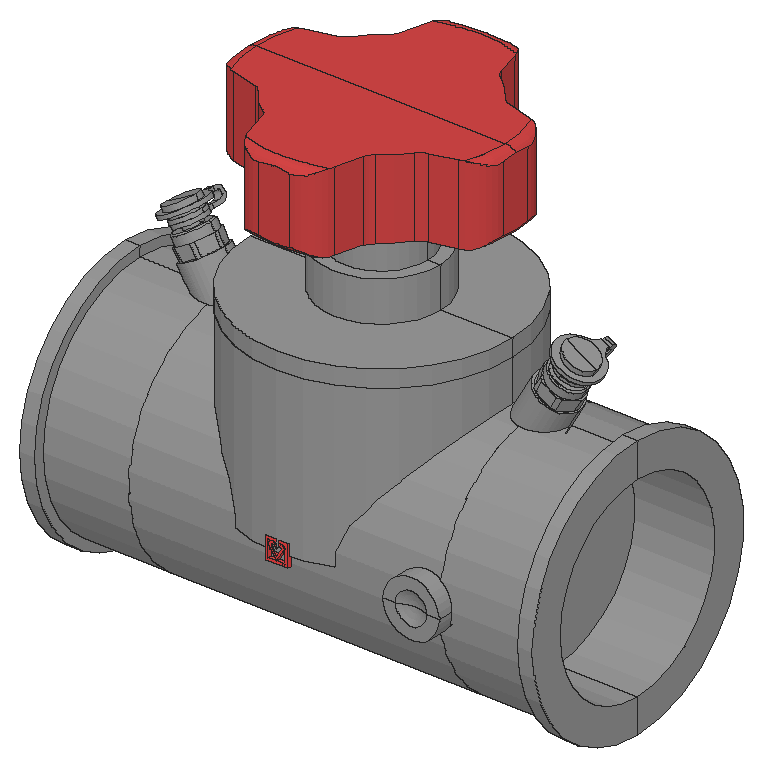
Revit family "Strangregulierventil für Differenzdruckmessung, Geradsitzform 4217 GM", category Rohrzubehör, Revit 2018
Family settings
  Bemaßung runder Anschluss = Durchmesser verwenden
  Teiletyp = Unterbricht
  OmniClass-Nummer = 23.65.55.14
  OmniClass-Titel = Valves for Liquid Services
  Arbeitsebenenbasiert = Nein
  Immer vertikal = Ja
  Beim Laden mit Abzugskörper schneiden = Nein
  Gemeinsam genutzt = Nein
Parameters
  kvs-Wert [instance] = if(Nennweite = 15.00 mm, 6.05, if(Nennweite = 20.00 mm, 6.11, if(Nennweite = 25.00 mm, 9.22, if(Nennweite = 32.00 mm, 18.83, if(Nennweite = 40.00 mm, 23.29, if(Nennweite = 50.00 mm, 35.26, if(Nennweite = 65.00 mm, 52.11, if(Nennweite = 80.00 mm, 76.1, 0))))))))  # 76.1
  W02 = 60.00°  # constant formula
  W01 = 30.00°  # constant formula
  URL = "www.herz-armaturen.at"
  SC_NennweiteBerechnet = 0
  SC_Dimension = ""
  SCRNSEQ = "ARM;ARM_TYP=\"STRV\";2"
  SCRNCODE = "05;07;02"  # constant formula
  S02 = 60.00 mm  # constant formula
  S01 [instance] = H00 + H01  # 119.31 mm
  R01 [instance] = size_lookup("4217_GM_", "R1", 1.00 mm, Nennweite)  # 53.00 mm
  Nennweite [instance] = 80.00 mm
  Medium = "Heizwasserqualität entsprechend ÖNORM H 5195 bzw. VDI-Richtlinie 2035.\r\nDie Verwendung von Ethylen- und Propylenglykol ist im Mischungsverhältnis 25 - 50 Vol. % zulässig."
  Max. Betriebstemperatur (bis DN32) = 130 °C  # constant formula
  Max. Betriebstemperatur (ab DN40) = 110 °C  # constant formula
  Max. Betriebsdruck = 1600000.0 Pa  # constant formula
  ML02 [instance] = size_lookup("4217_GM_", "ML2", 1.00 mm, Nennweite)  # 70.50 mm
  ML01 [instance] = size_lookup("4217_GM_", "ML1", 1.00 mm, Nennweite)  # 37.35 mm
  MD01 = 9.50 mm  # constant formula
  L02 [instance] = size_lookup("4217_GM_", "L2", 1.00 mm, Nennweite)  # 6.00 mm
  L01 [instance] = size_lookup("4217_GM_", "L1", 1.00 mm, Nennweite)  # 41.30 mm
  L00 [instance] = size_lookup("4217_GM_", "L", 1.00 mm, Nennweite)  # 210.00 mm
  IG [instance] = Nennweite / 2  # 40.00 mm
  Hersteller = "HERZ Armaturen Ges.m.b.H."  # constant formula
  H04 [instance] = size_lookup("4217_GM_", "H4", 1.00 mm, Nennweite)  # 19.00 mm
  H03 = 10.00 mm  # constant formula
  H02 [instance] = size_lookup("4217_GM_", "H2", 1.00 mm, Nennweite)  # 7.00 mm
  H01 [instance] = size_lookup("4217_GM_", "H1", 1.00 mm, Nennweite)  # 52.60 mm
  H00 [instance] = size_lookup("4217_GM_", "H", 1.00 mm, Nennweite)  # 66.71 mm
  Gewicht [instance] = if(Nennweite = 15.00 mm, "0.85 kg", if(Nennweite = 20.00 mm, "1.22 kg", if(Nennweite = 25.00 mm, "1.55 kg", if(Nennweite = 32.00 mm, "1.88 kg", if(Nennweite = 40.00 mm, "2.34 kg", if(Nennweite = 50.00 mm, "3.74 kg", if(Nennweite = 65.00 mm, "5.23 kg", if(Nennweite = 80.00 mm, "6.97 kg", "0 kg"))))))))  # "6.97 kg"
  Gehäuse = "DZR-Messing"  # constant formula
  GT [instance] = size_lookup("4217_GM_", "GT", 1.00 mm, Nennweite)  # 33.30 mm
  Einbaulage = "Bedingt durch die senkrecht zur Ventilachse angeordnete, nichtsteigende Ventilspindel ist für jede Einbaulage optimale Zugängigkeit und Bedienbarkeit des Ventils gewährleistet."
  Differenzdruckmessung = "STRÖMAX-GM Strangregulierventil ist mit zwei Messventilen ausgestattet.\r\nBei Verwendung eines geeigneten Messgerätes kann der Differenzdruck gemessen und dadurch die jeweilige Durchflussmenge in Abhängigkeit der Einstellstufe ermittelt werden.\r\nAm HERZ-Messcomputer (1 8900 05) ist außerdem direkt die jeweilige Durchflussmenge ablesbar."
  DN80 [instance] = Nennweite = 80.00 mm  # yes
  DN65 [instance] = Nennweite = 65.00 mm  # no
  DN50_DN80 [instance] = or(Nennweite = 50.00 mm, Nennweite = 65.00 mm, Nennweite = 80.00 mm)  # yes
  DN50-DN80 [instance] = H00 + H01  # 119.31 mm
  DN50 [instance] = Nennweite = 50.00 mm  # no
  DN40 [instance] = Nennweite = 40.00 mm  # no
  DN32 [instance] = Nennweite = 32.00 mm  # no
  DN25 [instance] = Nennweite = 25.00 mm  # no
  DN20 [instance] = Nennweite = 20.00 mm  # no
  DN15_DN40 [instance] = or(Nennweite = 15.00 mm, Nennweite = 20.00 mm, Nennweite = 25.00 mm, Nennweite = 32.00 mm, Nennweite = 40.00 mm)  # no
  DN15-DN40 [instance] = H00 + H01  # 119.31 mm
  DN15 [instance] = Nennweite = 15.00 mm  # no
  D06 [instance] = size_lookup("4217_GM_", "D6", 1.00 mm, Nennweite)  # 24.30 mm
  D05 [instance] = size_lookup("4217_GM_", "D5", 1.00 mm, Nennweite)  # 19.00 mm
  D04 = 9.00 mm  # constant formula
  D03 [instance] = size_lookup("4217_GM_", "D3", 1.00 mm, Nennweite)  # 53.80 mm
  D02 [instance] = size_lookup("4217_GM_", "D2", 1.00 mm, Nennweite)  # 54.00 mm
  D01 [instance] = size_lookup("4217_GM_", "D1", 1.00 mm, Nennweite)  # 50.00 mm
  Bestellnummer [instance] = size_lookup("4217_GM_", "Artnr", 0, Nennweite)  # 1421708
  Ausführung = "STRÖMAX-GM Strangregulierventil mit Messventilen, 1/2′′ – 3′′\r\nGeradesitzform, gelbe Ausführung, Muffe x Muffe, nichtsteigende Spindel, Spindelabdichtung durch Doppel-O-Ring,Voreinstellung durch Hubbegrenzung mittels Innenspindel, digitale Anzeige der Voreinstellstufe im Handradfenster.\r\n2 Messventile sind neben dem Handrad montiert."
  Anwendungen = "Zum hydraulischen Abgleich in Heiz- oder Kühlanlagen, Einregulieren von Verteilleitungen, Strängen, Wärmetauschern, Heiz- und Kühlregistern."
Reference planes
  plane 1 "Mitte (Vorne/hinten)": y = 0
  plane 2: z = 0
  plane 3 "Mitte (Links/rechts)": x = 0
Forms (mm)
  Revolve 1, solid, material "Messing, weicher Gelbton, geschweißt", detail levels fine
    sketch origin (0, 0, 0) x (1, 0, 0) y (0, 0, 1)
      loop
        line (-105, 54) -> (-105, 40) -> (-71.7, 40) -> (-71.7, 0) -> (71.7, 0) -> (71.7, 40) -> (105, 40) -> (105, 54) -> (99, 54) -> (99, 50) -> (63.7, 50)
        arc (63.7, 50) -> (0, 53) -> (-63.7, 50) r 677.782
        line (-63.7, 50) -> (-99, 50) -> (-99, 54) -> (-105, 54)
      axis (-105, 0) -> (105, 0)
    angle from 0 to 360
  Revolve 2, solid, material "Messing, weicher Gelbton, geschweißt", detail levels fine
    sketch origin (0, 0, 0) x (1, 0, 0) y (0, 0, 1)
      loop
        line (37.35, 0) -> (72.6, 61.055) -> (64.373, 65.805) -> (29.123, 4.75) -> (37.35, 0)
      axis (37.35, 0) -> (72.6, 61.055)
    angle from 0 to 360
  Revolve 3, solid, material "Messing, weicher Gelbton, geschweißt", detail levels fine
    sketch origin (0, 0, 0) x (1, 0, 0) y (0, 0, 1)
      loop
        line (0, 0) -> (0, 66.71) -> (-53.8, 66.71) -> (-53.8, 0) -> (0, 0)
      axis (0, 66.71) -> (0, 0)
    angle from 0 to 360
  Revolve 4, solid, material "Messing, weicher Gelbton, geschweißt", detail levels fine
    sketch origin (0, 0, 0) x (-1, 0, 0) y (0, 0, 1)
      loop
        line (37.35, 0) -> (72.6, 61.055) -> (64.373, 65.805) -> (29.123, 4.75) -> (37.35, 0)
      axis (37.35, 0) -> (72.6, 61.055)
    angle from 0 to 360
  Revolve 5, solid, material "Messing, weicher Gelbton, geschweißt", visible <- "DN65", detail levels fine
    sketch origin (0, 0, 0) x (1, 0, 0) y (0, 1, 0)
      loop
        line (60, 47.945) -> (60, -47.945)
        arc (60, -47.945) -> (63.368, -48.598) -> (66.5, -50) r 15
        line (66.5, -50) -> (71.5, -50) -> (71.5, 50) -> (66.5, 50)
        arc (66.5, 50) -> (63.368, 48.598) -> (60, 47.945) r 15
      axis (60, 50) -> (60, -50)
    angle from 0 to 360
  Revolve 6, solid, material "Messing, weicher Gelbton, geschweißt", detail levels fine
    sketch origin (0, 0, 0) x (1, 0, 0) y (0, 0, 1)
      loop
        line (0, 66.71) -> (0, 119.31) -> (-9, 119.31) -> (-9, 109.31) -> (-19, 109.31) -> (-19, 90.31) -> (-24.3, 90.31) -> (-24.3, 73.71) -> (-53.8, 73.71) -> (-53.8, 66.71) -> (0, 66.71)
      axis (0, 119.31) -> (0, 66.71)
    angle from 0 to 360
  Revolve 7, solid, material "Messing, weicher Gelbton, geschweißt", visible <- "DN80", detail levels fine
    sketch origin (0, 0, 0) x (1, 0, 0) y (0, 1, 0)
      loop
        line (57, 53.945) -> (57, -53.945)
        arc (57, -53.945) -> (60.368, -54.598) -> (63.5, -56) r 15
        line (63.5, -56) -> (68.5, -56) -> (68.5, 56) -> (63.5, 56)
        arc (63.5, 56) -> (60.368, 54.598) -> (57, 53.945) r 15
      axis (57, 56) -> (57, -56)
    angle from 0 to 360
Lines and regions (mm)
  model lines, detail levels coarse+medium
    curve 1: line (-105, 0, 54) -> (-105, 0, -54)
    curve 2: line (-105, 0, -54) -> (105, 0, 54)
    curve 3: line (105, 0, 54) -> (105, 0, -54)
    curve 4: line (105, 0, -54) -> (-105, 0, 54)
    curve 5: line (0, 0, 0) -> (68.884, 0, 119.31)
    curve 6: line (42.903, 0, 134.31) -> (94.864, 0, 104.31)
    curve 7: line (-105, 54, 0) -> (-105, -54, 0)
    curve 8: line (-105, -54, 0) -> (105, 54, 0)
    curve 9: line (105, 54, 0) -> (105, -54, 0)
    curve 10: line (105, -54, 0) -> (-105, 54, 0)
    curve 11: line (0, 0, 0) -> (68.884, 119.31, 0)
    curve 12: line (42.903, 134.31, 0) -> (94.864, 104.31, 0)
Dimensions and locks
  "IG": Revolve 1 sketch curve to plane 2
  "GT": Revolve 1 sketch curve to Revolve 1 sketch curve  (x2)
  "IG": Revolve 1 sketch curve to Revolve 1 sketch curve
  "D01": Revolve 1 sketch curve to Revolve 1 sketch curve  (x2)
  "R01": Revolve 1 sketch curve to Revolve 1 sketch curve
  "L02": Revolve 1 sketch curve to Revolve 1 sketch curve  (x2)
  "L01": Revolve 1 sketch curve to Revolve 1 sketch curve  (x2)
  "D02": Revolve 1 sketch curve to plane 2  (x2)
  equal spacing: Revolve 1 sketch curve, plane 3 "Mitte (Links/rechts)", Revolve 1 sketch curve
  "L00": Revolve 1 sketch curve to Revolve 1 sketch curve
  "R01": nested 1 to plane 1 "Mitte (Vorne/hinten)"
  "ML01": Revolve 2 sketch curve to plane 3 "Mitte (Links/rechts)"
  "H00": Revolve 3 sketch curve to plane 2
  "D03": Revolve 3 sketch curve to Revolve 3 sketch curve
  "ML02": Revolve 2 sketch curve to Revolve 2 sketch curve
  "MD01": Revolve 2 sketch curve to Revolve 2 sketch curve  (x2)
  "ML02": Revolve 4 sketch curve to Revolve 4 sketch curve
  "MD01": Revolve 4 sketch curve to Revolve 4 sketch curve  (x2)
  "ML01": plane 3 "Mitte (Links/rechts)" to Revolve 4 sketch curve
  Revolve 5 sketch curve to Revolve 1 = 45.00 mm
  Revolve 5 sketch curve to Revolve 5 sketch curve = 11.50 mm  (x2)
  Revolve 5 sketch curve to plane 1 "Mitte (Vorne/hinten)" to Revolve 5 sketch curve = 50.00 mm, 50.00 mm
  "H00": Revolve 6 sketch curve to plane 2
  "H01": Revolve 6 sketch curve to Revolve 6 sketch curve
  "D04": Revolve 6 sketch curve to Revolve 6 sketch curve
  "D03": Revolve 6 sketch curve to Revolve 6 sketch curve
  "D05": Revolve 6 sketch curve to Revolve 6 sketch curve
  "D06": Revolve 6 sketch curve to Revolve 6 sketch curve
  "H02": Revolve 6 sketch curve to Revolve 6 sketch curve
  "H03": Revolve 6 sketch curve to Revolve 6 sketch curve
  "H04": Revolve 6 sketch curve to Revolve 6 sketch curve
  Revolve 7 sketch curve to Revolve 1 = 48.00 mm
  Revolve 7 sketch curve to Revolve 7 sketch curve = 11.50 mm  (x2)
  Revolve 7 sketch curve to plane 1 "Mitte (Vorne/hinten)" to Revolve 7 sketch curve = 56.00 mm, 56.00 mm
  "DN15-DN40": nested 2 to plane 2
  "DN50-DN80": nested 3 to plane 2
  "D02": curve 4 to plane 2 to curve 2
  "D02": curve 3 to plane 2 to curve 4
  equal spacing: curve 1, plane 3 "Mitte (Links/rechts)", curve 3
  "L00": curve 1 to curve 3
  equal spacing: Revolve 1, curve 5, Revolve 1
  "S01": curve 5 to plane 2
  equal spacing: curve 6, curve 5, curve 6
  "S02": curve 6 to curve 6
  "D02": curve 8 to plane 1 "Mitte (Vorne/hinten)" to curve 10
  "D02": curve 10 to plane 1 "Mitte (Vorne/hinten)" to curve 9
  equal spacing: curve 7, plane 3 "Mitte (Links/rechts)", curve 9
  "L00": curve 7 to curve 9
  equal spacing: curve 7, curve 11, curve 9
  "S01": plane 1 "Mitte (Vorne/hinten)" to curve 11
  equal spacing: curve 12, curve 11, curve 12
  "S02": curve 12 to curve 12
  radius of Revolve 5 sketch curve = 15.00 mm  (x2)
  radius of Revolve 7 sketch curve = 15.00 mm  (x2)
  "W01": angle Revolve 2 sketch curve to plane 3 "Mitte (Links/rechts)"  (x2)
  "W01": angle plane 3 "Mitte (Links/rechts)" to Revolve 4 sketch curve  (x2)
  "W02": angle plane 2 to curve 5
  "W02": angle plane 1 "Mitte (Vorne/hinten)" to curve 11
  aligned and locked: level to plane 2
Automatic sketch dimensions
  Revolve 5 sketch curve to Revolve 5 sketch curve = 1.153 mm  (x2)
  Revolve 5 sketch curve to Revolve 5 sketch curve = 5.00 mm  (x2)
  Revolve 5 sketch curve to Revolve 5 sketch curve = 2.854 mm  (x2)
  Revolve 7 sketch curve to Revolve 7 sketch curve = 1.153 mm  (x2)
  Revolve 7 sketch curve to Revolve 7 sketch curve = 5.00 mm  (x2)
  Revolve 7 sketch curve to Revolve 7 sketch curve = 8.854 mm  (x2)
  Revolve 1 sketch curve to level = 0.00 mm  (x2)
  Revolve 1 sketch curve to Revolve 1 sketch curve = 1429.986 mm
  Revolve 1 sketch curve to Revolve 1 sketch curve = 1762.604 mm
  Revolve 2 sketch curve to level = 0.00 mm  (x2)
  Revolve 3 sketch curve to level = 0.00 mm
  Revolve 3 sketch curve to plane 3 "Mitte (Links/rechts)" = 0.00 mm  (x2)
  Revolve 3 sketch curve to Revolve 3 sketch curve = 366.045 mm
  Revolve 3 sketch curve to Revolve 3 sketch curve = 2179.415 mm
  Revolve 4 sketch curve to level = 0.00 mm  (x2)
  Revolve 6 sketch curve to plane 3 "Mitte (Links/rechts)" = 0.00 mm  (x2)
  Revolve 6 sketch curve to level = 366.045 mm
  Revolve 6 sketch curve to Revolve 6 sketch curve = 2146.115 mm
Nested families
  nested 1: "Herz-Logo-vorne" at (0, -53, 0) x (0, 1, 0) z (0, 0, 1), type "Herz-Logo-vorne", detail levels fine
  nested 2: "Strangregulierventil-Handrad-Gerade (Rot) DN15-DN40" at (0, 0, 119.31), visible <- "DN15_DN40", type "Strangregulierventil-Handrad-Gerade (Rot) DN15-DN40", detail levels fine
    with Nennweite 0.00 mm, Gewicht 0.00 kg, Bestellnummer 0
  nested 3: "Strangregulierventil-Handrad-Gerade (Rot) DN50-DN80" at (0, 0, 119.31), visible <- "DN50_DN80", type "Strangregulierventil-Handrad-Gerade (Rot) DN50-DN80", detail levels fine
    with Nennweite 0.00 mm, Gewicht 0.00 kg, Bestellnummer 0
  nested 4: "Messstutzen_Band_Austritt_30Grad_(oben)" at (47.24, 0, 34.901), visible <- "DN50", type "Messstutzen_Band_Austritt_30Grad_(oben)", detail levels fine
    with Schutzkappe yes, Nennweite 0.00 mm, Gewicht 0.00 kg, Bestellnummer 0
  nested 5: "Messstutzen_Band_Eintritt_30Grad_(oben)" at (-47.24, 0, 34.901) x (-1, 0, 0) z (0, 0, 1), visible <- "DN50", type "Messstutzen_Band_Eintritt_30Grad_(oben)", detail levels fine
    with Schutzkappe yes, Nennweite 0.00 mm, Gewicht 0.00 kg, Bestellnummer 0
  nested 6: "Messstutzen_Band_Austritt_30Grad_(oben)" at (27.02, 0, 10.999), visible <- "DN15", type "Messstutzen_Band_Austritt_30Grad_(oben)", detail levels fine
    with Schutzkappe yes, Nennweite 0.00 mm, Gewicht 0.00 kg, Bestellnummer 0
  nested 7: "Messstutzen_Band_Eintritt_30Grad_(oben)" at (-27.02, 0, 10.999) x (-1, 0, 0) z (0, 0, 1), visible <- "DN15", type "Messstutzen_Band_Eintritt_30Grad_(oben)", detail levels fine
    with Schutzkappe yes, Nennweite 0.00 mm, Gewicht 0.00 kg, Bestellnummer 0
  nested 8: "Messstutzen_Band_Eintritt_30Grad_(oben)" at (-24.855, 0, 13.553) x (-1, 0, 0) z (0, 0, 1), visible <- "DN20", type "Messstutzen_Band_Eintritt_30Grad_(oben)", detail levels fine
    with Schutzkappe yes, Nennweite 0.00 mm, Gewicht 0.00 kg, Bestellnummer 0
  nested 9: "Messstutzen_Band_Austritt_30Grad_(oben)" at (24.855, 0, 13.553), visible <- "DN20", type "Messstutzen_Band_Austritt_30Grad_(oben)", detail levels fine
    with Schutzkappe yes, Nennweite 0.00 mm, Gewicht 0.00 kg, Bestellnummer 0
  nested 10: "Messstutzen_Band_Eintritt_30Grad_(oben)" at (-29.265, 0, 17.883) x (-1, 0, 0) z (0, 0, 1), visible <- "DN25", type "Messstutzen_Band_Eintritt_30Grad_(oben)", detail levels fine
    with Schutzkappe yes, Nennweite 0.00 mm, Gewicht 0.00 kg, Bestellnummer 0
  nested 11: "Messstutzen_Band_Austritt_30Grad_(oben)" at (29.265, 0, 17.883), visible <- "DN25", type "Messstutzen_Band_Austritt_30Grad_(oben)", detail levels fine
    with Schutzkappe yes, Nennweite 0.00 mm, Gewicht 0.00 kg, Bestellnummer 0
  nested 12: "Messstutzen_Band_Eintritt_30Grad_(oben)" at (-37.74, 0, 24.595) x (-1, 0, 0) z (0, 0, 1), visible <- "DN32", type "Messstutzen_Band_Eintritt_30Grad_(oben)", detail levels fine
    with Schutzkappe yes, Nennweite 0.00 mm, Gewicht 0.00 kg, Bestellnummer 0
  nested 13: "Messstutzen_Band_Austritt_30Grad_(oben)" at (37.74, 0, 24.595), visible <- "DN32", type "Messstutzen_Band_Austritt_30Grad_(oben)", detail levels fine
    with Schutzkappe yes, Nennweite 0.00 mm, Gewicht 0.00 kg, Bestellnummer 0
  nested 14: "Messstutzen_Band_Eintritt_30Grad_(oben)" at (-42.8, 0, 28.665) x (-1, 0, 0) z (0, 0, 1), visible <- "DN40", type "Messstutzen_Band_Eintritt_30Grad_(oben)", detail levels fine
    with Schutzkappe yes, Nennweite 0.00 mm, Gewicht 0.00 kg, Bestellnummer 0
  nested 15: "Messstutzen_Band_Austritt_30Grad_(oben)" at (42.8, 0, 28.665), visible <- "DN40", type "Messstutzen_Band_Austritt_30Grad_(oben)", detail levels fine
    with Schutzkappe yes, Nennweite 0.00 mm, Gewicht 0.00 kg, Bestellnummer 0
  nested 16: "Messstutzen_Band_Eintritt_30Grad_(oben)" at (-54.5, 0, 38.105) x (-1, 0, 0) z (0, 0, 1), visible <- "DN65", type "Messstutzen_Band_Eintritt_30Grad_(oben)", detail levels fine
    with Schutzkappe yes, Nennweite 0.00 mm, Gewicht 0.00 kg, Bestellnummer 0
  nested 17: "Messstutzen_Band_Austritt_30Grad_(oben)" at (54.5, 0, 38.105), visible <- "DN65", type "Messstutzen_Band_Austritt_30Grad_(oben)", detail levels fine
    with Schutzkappe yes, Nennweite 0.00 mm, Gewicht 0.00 kg, Bestellnummer 0
  nested 18: "Messstutzen_Band_Eintritt_30Grad_(oben)" at (-63.85, 0, 45.899) x (-1, 0, 0) z (0, 0, 1), visible <- "DN80", type "Messstutzen_Band_Eintritt_30Grad_(oben)", detail levels fine
    with Schutzkappe yes, Nennweite 0.00 mm, Gewicht 0.00 kg, Bestellnummer 0
  nested 19: "Messstutzen_Band_Austritt_30Grad_(oben)" at (63.85, 0, 45.899), visible <- "DN80", type "Messstutzen_Band_Austritt_30Grad_(oben)", detail levels fine
    with Schutzkappe yes, Nennweite 0.00 mm, Gewicht 0.00 kg, Bestellnummer 0
Connectors
  piping at (-71.7, 0, 0), diameter 80, driven by "Nennweite"
    settings: on Revolve 1, index 1, connector inside diameter 609.6 mm, connector length 0.00 mm, flow factor 0, pipe flow 0.0 L/s, pressure drop 0.0 Pa, fitting loss kfactor 0, connector angle 0.00°, fixture units 0, engagement length 0.00 mm, angle of deflection 0.00°, flow configuration 0, flow direction 1, fitting loss method 0, system type 29, joint type 0, gender type 0, connector reference index -1, connector utility 0, adjustable connector no, is connector primary yes, connector description ""
  piping at (71.7, 0, 0), diameter 80, driven by "Nennweite"
    settings: on Revolve 1, index 2, connector inside diameter 609.6 mm, connector length 0.00 mm, flow factor 0, pipe flow 0.0 L/s, pressure drop 0.0 Pa, fitting loss kfactor 0, connector angle 0.00°, fixture units 0, engagement length 0.00 mm, angle of deflection 0.00°, flow configuration 0, flow direction 2, fitting loss method 0, system type 29, joint type 0, gender type 0, connector reference index -1, connector utility 0, adjustable connector no, is connector primary no, connector description ""
Definition of nested family "Herz-Logo-vorne"
  Reference planes
    plane 1 "Mitte (Vorne/hinten)": y = 0
    plane 2: z = 0
    plane 3 "Mitte (Links/rechts)": x = 0
  Forms (mm)
    Extrusion 1, solid
      sketch origin (0.732, -0.018, 0.017) x (0, -1, 0) y (0, 0, 1)
        loop
          line (-0.018, -4.517) -> (4.482, -4.517) -> (4.482, 4.483) -> (-4.518, 4.483) -> (-4.518, -4.517) -> (-0.018, -4.517)
        loop
          line (-0.05, -3.48) -> (3.482, -3.48) -> (3.482, 3.483) -> (-3.518, 3.483) -> (-3.518, -3.48) -> (-0.05, -3.48)
        loop
          arc (-0.018, 2.383) -> (-1.543, 3.287) -> (-3.067, 2.383) r 1.738
          arc (-3.067, 2.383) -> (-3.191, 1.899) -> (-3.067, 1.415) r 1.009
          line (-3.067, 1.415) -> (-0.018, -3.281) -> (3.032, 1.415)
          arc (3.032, 1.415) -> (3.156, 1.899) -> (3.032, 2.383) r 1.009
          arc (3.032, 2.383) -> (1.507, 3.287) -> (-0.018, 2.383) r 1.738
        loop
          arc (1.885, 1.272) -> (2.005, 1.675) -> (1.885, 2.079) r 0.74
          arc (1.885, 2.079) -> (1.265, 2.416) -> (0.644, 2.079) r 0.74
          line (0.644, 2.079) -> (-0.018, 0.97) -> (-0.679, 2.079)
          arc (-0.679, 2.079) -> (-1.3, 2.416) -> (-1.921, 2.079) r 0.74
          arc (-1.921, 2.079) -> (-2.04, 1.675) -> (-1.921, 1.272) r 0.74
          line (-1.921, 1.272) -> (-0.018, -1.658) -> (1.885, 1.272)
      from 0 to 1.5
  Dimensions and locks
    aligned and locked: level to plane 2
Definition of nested family "Strangregulierventil-Handrad-Gerade (Rot) DN15-DN40"
  Parameters (values of type "Strangregulierventil-Handrad-Gerade (Rot) DN15-DN40")
    URL = "www.herz-armaturen.at"
    Nennweite [instance] = 0.00 mm
    Manufacturer = "Herz Armaturen GmbH"  # constant formula
    Gewicht [instance] = 0.00 kg
    Bestellnummer [instance] = 0
  Reference planes
    plane 1 "Mitte (Vorne/hinten)": y = 0
    plane 2: z = 0
    plane 3 "Mitte (Links/rechts)": x = 0
  Forms (mm)
    Revolve 1, solid, detail levels fine
      sketch origin (0, 0, 0) x (1, 0, 0) y (0, 0, 1)
        loop
          line (0, 0) -> (0, 24.95) -> (-30.992, 24.95)
          arc (-30.992, 24.95) -> (-34.37, 23.636) -> (-35.973, 20.386) r 5
          line (-35.973, 20.386) -> (-37, 8.65) -> (-35.986, -2.936)
          arc (-35.986, -2.936) -> (-34.383, -6.186) -> (-31.005, -7.5) r 5
          line (-31.005, -7.5) -> (-15, -7.5) -> (-15, 0) -> (0, 0)
        axis (0, 24.95) -> (0, -7.5)
      angle from 0 to 360
    Extrusion 2, void
      sketch origin (0, 0, 20.3) x (1, 0, 0) y (0, 1, 0)
        loop
          line (3.861, 35.5) -> (-3.861, 35.5)
          arc (-3.861, 35.5) -> (-8.731, 33.847) -> (-11.589, 29.571) r 8
          line (-11.589, 29.571) -> (-13.284, 23.245)
          arc (-13.284, 23.245) -> (-13.982, 21.722) -> (-15.144, 20.516) r 5
          arc (-15.144, 20.516) -> (-18.031, 18.031) -> (-20.516, 15.144) r 25.5
          arc (-20.516, 15.144) -> (-21.722, 13.982) -> (-23.245, 13.284) r 5
          line (-23.245, 13.284) -> (-29.571, 11.589)
          arc (-29.571, 11.589) -> (-33.847, 8.731) -> (-35.5, 3.861) r 8
          line (-35.5, 3.861) -> (-35.5, -3.861)
          arc (-35.5, -3.861) -> (-33.847, -8.731) -> (-29.571, -11.589) r 8
          line (-29.571, -11.589) -> (-23.245, -13.284)
          arc (-23.245, -13.284) -> (-21.722, -13.982) -> (-20.516, -15.144) r 5
          arc (-20.516, -15.144) -> (-18.031, -18.031) -> (-15.144, -20.516) r 25.5
          arc (-15.144, -20.516) -> (-13.982, -21.722) -> (-13.284, -23.245) r 5
          line (-13.284, -23.245) -> (-11.589, -29.571)
          arc (-11.589, -29.571) -> (-8.731, -33.847) -> (-3.861, -35.5) r 8
          line (-3.861, -35.5) -> (3.861, -35.5)
          arc (3.861, -35.5) -> (8.731, -33.847) -> (11.589, -29.571) r 8
          line (11.589, -29.571) -> (13.284, -23.245)
          arc (13.284, -23.245) -> (13.982, -21.722) -> (15.144, -20.516) r 5
          arc (15.144, -20.516) -> (18.031, -18.031) -> (20.516, -15.144) r 25.5
          arc (20.516, -15.144) -> (21.722, -13.982) -> (23.245, -13.284) r 5
          line (23.245, -13.284) -> (29.571, -11.589)
          arc (29.571, -11.589) -> (33.847, -8.731) -> (35.5, -3.861) r 8
          line (35.5, -3.861) -> (35.5, 3.861)
          arc (35.5, 3.861) -> (33.847, 8.731) -> (29.571, 11.589) r 8
          line (29.571, 11.589) -> (23.245, 13.284)
          arc (23.245, 13.284) -> (21.722, 13.982) -> (20.516, 15.144) r 5
          arc (20.516, 15.144) -> (18.031, 18.031) -> (15.144, 20.516) r 25.5
          arc (15.144, 20.516) -> (13.982, 21.722) -> (13.284, 23.245) r 5
          line (13.284, 23.245) -> (11.589, 29.571)
          arc (11.589, 29.571) -> (8.731, 33.847) -> (3.861, 35.5) r 8
        loop
          circle (0, 0) r 38
      from -31.266 to 7.923
  Cuts and joins
    Extrusion 2 cuts Revolve 1
  Dimensions and locks
    Revolve 1 sketch curve to Revolve 1 sketch curve = 15.00 mm
    Revolve 1 sketch curve to Revolve 1 sketch curve = 16.15 mm
    Revolve 1 sketch curve to Revolve 1 sketch curve = 16.30 mm
    angle Revolve 1 sketch curve to Revolve 1 sketch curve = 95.00°
    aligned and locked: level to plane 2
Definition of nested family "Strangregulierventil-Handrad-Gerade (Rot) DN50-DN80"
  Parameters (values of type "Strangregulierventil-Handrad-Gerade (Rot) DN50-DN80")
    URL = "www.herz-armaturen.at"
    Nennweite [instance] = 0.00 mm
    Manufacturer = "Herz Armaturen GmbH"  # constant formula
    Gewicht [instance] = 0.00 kg
    Bestellnummer [instance] = 0
  Reference planes
    plane 1 "Mitte (Vorne/hinten)": y = 0
    plane 2: z = 0
    plane 3 "Mitte (Links/rechts)": x = 0
  Forms (mm)
    Revolve 1, solid, detail levels fine
      sketch origin (0, 0, 0) x (1, 0, 0) y (0, 0, 1)
        loop
          line (0, 0) -> (0, 24.95) -> (-50.992, 24.95)
          arc (-50.992, 24.95) -> (-54.37, 23.636) -> (-55.973, 20.386) r 5
          line (-55.973, 20.386) -> (-57, 8.65) -> (-55.986, -2.936)
          arc (-55.986, -2.936) -> (-54.383, -6.186) -> (-51.005, -7.5) r 5
          line (-51.005, -7.5) -> (-15, -7.5) -> (-15, 0) -> (0, 0)
        axis (0, 24.95) -> (0, -7.5)
      angle from 0 to 360
    Extrusion 2, void
      sketch origin (0, 0, 20.3) x (1, 0, 0) y (0, 1, 0)
        loop
          line (-55, 6.292) -> (-55, -6.292)
          arc (-55, -6.292) -> (-52.52, -13.597) -> (-46.106, -17.883) r 12
          line (-46.106, -17.883) -> (-35.399, -20.752)
          arc (-35.399, -20.752) -> (-33.541, -21.612) -> (-32.08, -23.047) r 6
          arc (-32.08, -23.047) -> (-27.931, -27.931) -> (-23.047, -32.08) r 39.5
          arc (-23.047, -32.08) -> (-21.612, -33.541) -> (-20.752, -35.399) r 6
          line (-20.752, -35.399) -> (-17.883, -46.106)
          arc (-17.883, -46.106) -> (-13.597, -52.52) -> (-6.292, -55) r 12
          line (-6.292, -55) -> (6.292, -55)
          arc (6.292, -55) -> (13.597, -52.52) -> (17.883, -46.106) r 12
          line (17.883, -46.106) -> (20.752, -35.399)
          arc (20.752, -35.399) -> (21.612, -33.541) -> (23.047, -32.08) r 6
          arc (23.047, -32.08) -> (27.931, -27.931) -> (32.08, -23.047) r 39.5
          arc (32.08, -23.047) -> (33.541, -21.612) -> (35.399, -20.752) r 6
          line (35.399, -20.752) -> (46.106, -17.883)
          arc (46.106, -17.883) -> (52.52, -13.597) -> (55, -6.292) r 12
          line (55, -6.292) -> (55, 6.292)
          arc (55, 6.292) -> (52.52, 13.597) -> (46.106, 17.883) r 12
          line (46.106, 17.883) -> (35.399, 20.752)
          arc (35.399, 20.752) -> (33.541, 21.612) -> (32.08, 23.047) r 6
          arc (32.08, 23.047) -> (27.931, 27.931) -> (23.047, 32.08) r 39.5
          arc (23.047, 32.08) -> (21.612, 33.541) -> (20.752, 35.399) r 6
          line (20.752, 35.399) -> (17.883, 46.106)
          arc (17.883, 46.106) -> (13.597, 52.52) -> (6.292, 55) r 12
          line (6.292, 55) -> (-6.292, 55)
          arc (-6.292, 55) -> (-13.597, 52.52) -> (-17.883, 46.106) r 12
          line (-17.883, 46.106) -> (-20.752, 35.399)
          arc (-20.752, 35.399) -> (-21.612, 33.541) -> (-23.047, 32.08) r 6
          arc (-23.047, 32.08) -> (-27.931, 27.931) -> (-32.08, 23.047) r 39.5
          arc (-32.08, 23.047) -> (-33.541, 21.612) -> (-35.399, 20.752) r 6
          line (-35.399, 20.752) -> (-46.106, 17.883)
          arc (-46.106, 17.883) -> (-52.52, 13.597) -> (-55, 6.292) r 12
        loop
          circle (0, 0) r 60
      from -31.161 to 7.489
  Cuts and joins
    Extrusion 2 cuts Revolve 1
  Dimensions and locks
    Revolve 1 sketch curve to Revolve 1 sketch curve = 15.00 mm
    Revolve 1 sketch curve to Revolve 1 sketch curve = 16.15 mm
    Revolve 1 sketch curve to Revolve 1 sketch curve = 16.30 mm
    Revolve 1 sketch curve to Revolve 1 sketch curve = 57.00 mm
    angle Revolve 1 sketch curve to Revolve 1 sketch curve = 95.00°
    aligned and locked: level to plane 2
Definition of nested family "Messstutzen_Band_Austritt_30Grad_(oben)"
  Parameters (values of type "Messstutzen_Band_Austritt_30Grad_(oben)")
    URL = "www.herz-armaturen.at"
    Schutzkappe [instance] = yes
    Nennweite [instance] = 0.00 mm
    Manufacturer = "Herz Armaturen GmbH"  # constant formula
    Gewicht [instance] = 0.00 kg
    Bestellnummer [instance] = 0
  Reference planes
    plane 1 "Mitte (Vorne/hinten)": y = 0
    plane 2: z = 0
    plane 3 "Mitte (Links/rechts)": x = 0
  Forms (mm)
    Revolve 1, solid, detail levels fine
      sketch origin (0, 0, 0) x (0.866025, 0, -0.5) y (0.5, 0, 0.866025)
        loop
          line (-7.4, 9) -> (-5.55, 9) -> (-5.55, 6)
          arc (-5.55, 6) -> (-5.626, 5.617) -> (-5.843, 5.293) r 1
          line (-5.843, 5.293) -> (-6.455, 4.681) -> (-6.455, 0.9) -> (-5.555, 0) -> (-2, 0) -> (-2, 17.5) -> (-8.4, 17.5)
          arc (-8.4, 17.5) -> (-7.693, 17.207) -> (-7.4, 16.5) r 1
          line (-7.4, 16.5) -> (-7.4, 9)
        loop
          line (-3.7, 27) -> (-7.3, 27) -> (-7.9, 26.4) -> (-7.9, 23) -> (-2, 23) -> (-2, 35.8) -> (-3.805, 35.8) -> (-4.415, 35.19) -> (-4.415, 30.863) -> (-3.7, 30.45) -> (-3.7, 27)
        axis (0, 0) -> (0, 35.8)
      angle from 0 to 360
    Extrusion 2, solid, detail levels fine
      sketch origin (8.75, 0, 15.155) x (0, 1, 0) y (-0.866025, 0, 0.5)
        loop
          arc (-7.07, 5.156) -> (-7.578, 4.375) -> (-8, 3.544) r 8.75
          line (-8, 3.544) -> (-8, -3.544)
          arc (-8, -3.544) -> (-7.578, -4.375) -> (-7.07, -5.156) r 8.75
          line (-7.07, -5.156) -> (-0.93, -8.7)
          arc (-0.93, -8.7) -> (0, -8.75) -> (0.93, -8.7) r 8.75
          line (0.93, -8.7) -> (7.07, -5.156)
          arc (7.07, -5.156) -> (7.578, -4.375) -> (8, -3.544) r 8.75
          line (8, -3.544) -> (8, 3.544)
          arc (8, 3.544) -> (7.578, 4.375) -> (7.07, 5.156) r 8.75
          line (7.07, 5.156) -> (0.93, 8.7)
          arc (0.93, 8.7) -> (0, 8.75) -> (-0.93, 8.7) r 8.75
          line (-0.93, 8.7) -> (-7.07, 5.156)
      from 0 to 5.5
    Revolve 3, solid, visible <- "Schutzkappe", detail levels fine
      sketch origin (0, 0, 0) x (0.866025, 0, -0.5) y (0.5, 0, 0.866025)
        loop
          line (0, 35.878) -> (0, 36.678) -> (-7, 36.678) -> (-7, 33.378) -> (-6.1, 33.378) -> (-6.1, 31.678) -> (-6.9, 31.678) -> (-6.9, 30.178) -> (-4.415, 30.178) -> (-4.415, 35.268) -> (-3.805, 35.878) -> (0, 35.878)
        axis (0, 30.178) -> (0, 36.678)
      angle from 0 to 360
    Extrusion 4, solid, detail levels fine
      sketch origin (14.25, 0, 24.682) x (0, 1, 0) y (0.866025, 0, -0.5)
        loop
          circle (0, 0) r 3.7
        loop
          arc (5.505, -3.906) -> (7.288, -2.358) -> (9.582, -1.8) r 5
          line (9.582, -1.8) -> (9.582, 1.8)
          arc (9.582, 1.8) -> (7.288, 2.358) -> (5.505, 3.906) r 5
          arc (5.505, 3.906) -> (-6.75, 0) -> (5.505, -3.906) r 6.75
      from 0 to -1.5
    Extrusion 5, solid, detail levels fine
      sketch origin (16.589, 0, 28.733) x (0, 1, 0) y (0.866025, 0, -0.5)
        loop
          circle (0, 0) r 6.1
        loop
          arc (8.652, -4.495) -> (10.493, -2.527) -> (13.089, -1.8) r 5
          line (13.089, -1.8) -> (13.089, 1.8)
          arc (13.089, 1.8) -> (10.493, 2.527) -> (8.652, 4.495) r 5
          arc (8.652, 4.495) -> (-9.75, 0) -> (8.652, -4.495) r 9.75
      from 0 to -1.5
    Sweep 6, solid, detail levels fine
      path origin (1.029, 0.159, 0.98) x (-0.5, 0, -0.866025) y (0, 1, 0)
        loop
          line (-27.75, 9.582) -> (-27.75, 14.522)
          arc (-27.75, 14.522) -> (-30.089, 16.862) -> (-32.428, 14.522) r 2.339
          line (-32.428, 14.522) -> (-32.428, 13.089)
      profile origin (14.904, 12.211, 25.012) x (0.5, 0, 0.866025) y (0.866025, 0, -0.5)
        loop
          line (-0.75, -1.8) -> (0.75, -1.8) -> (0.75, 1.8) -> (-0.75, 1.8) -> (-0.75, -1.8)
  Dimensions and locks
    aligned and locked: level to plane 2
Definition of nested family "Messstutzen_Band_Eintritt_30Grad_(oben)"
  Parameters (values of type "Messstutzen_Band_Eintritt_30Grad_(oben)")
    URL = "www.herz-armaturen.at"
    Schutzkappe [instance] = yes
    Nennweite [instance] = 0.00 mm
    Manufacturer = "Herz Armaturen GmbH"  # constant formula
    Gewicht [instance] = 0.00 kg
    Bestellnummer [instance] = 0
  Reference planes
    plane 1 "Mitte (Vorne/hinten)": y = 0
    plane 2: z = 0
    plane 3 "Mitte (Links/rechts)": x = 0
  Forms (mm)
    Revolve 1, solid, detail levels fine
      sketch origin (0, 0, 0) x (0.866025, 0, -0.5) y (0.5, 0, 0.866025)
        loop
          line (-7.4, 9) -> (-5.55, 9) -> (-5.55, 6)
          arc (-5.55, 6) -> (-5.626, 5.617) -> (-5.843, 5.293) r 1
          line (-5.843, 5.293) -> (-6.455, 4.681) -> (-6.455, 0.9) -> (-5.555, 0) -> (-2, 0) -> (-2, 17.5) -> (-8.4, 17.5)
          arc (-8.4, 17.5) -> (-7.693, 17.207) -> (-7.4, 16.5) r 1
          line (-7.4, 16.5) -> (-7.4, 9)
        loop
          line (-3.7, 27) -> (-7.3, 27) -> (-7.9, 26.4) -> (-7.9, 23) -> (-2, 23) -> (-2, 35.8) -> (-3.805, 35.8) -> (-4.415, 35.19) -> (-4.415, 30.863) -> (-3.7, 30.45) -> (-3.7, 27)
        axis (0, 0) -> (0, 35.8)
      angle from 0 to 360
    Extrusion 2, solid, detail levels fine
      sketch origin (8.75, 0, 15.155) x (0, 1, 0) y (-0.866025, 0, 0.5)
        loop
          arc (-7.07, 5.156) -> (-7.578, 4.375) -> (-8, 3.544) r 8.75
          line (-8, 3.544) -> (-8, -3.544)
          arc (-8, -3.544) -> (-7.578, -4.375) -> (-7.07, -5.156) r 8.75
          line (-7.07, -5.156) -> (-0.93, -8.7)
          arc (-0.93, -8.7) -> (0, -8.75) -> (0.93, -8.7) r 8.75
          line (0.93, -8.7) -> (7.07, -5.156)
          arc (7.07, -5.156) -> (7.578, -4.375) -> (8, -3.544) r 8.75
          line (8, -3.544) -> (8, 3.544)
          arc (8, 3.544) -> (7.578, 4.375) -> (7.07, 5.156) r 8.75
          line (7.07, 5.156) -> (0.93, 8.7)
          arc (0.93, 8.7) -> (0, 8.75) -> (-0.93, 8.7) r 8.75
          line (-0.93, 8.7) -> (-7.07, 5.156)
      from 0 to 5.5
    Revolve 3, solid, visible <- "Schutzkappe", detail levels fine
      sketch origin (0, 0, 0) x (0.866025, 0, -0.5) y (0.5, 0, 0.866025)
        loop
          line (0, 35.878) -> (0, 36.678) -> (-7, 36.678) -> (-7, 33.378) -> (-6.1, 33.378) -> (-6.1, 31.678) -> (-6.9, 31.678) -> (-6.9, 30.178) -> (-4.415, 30.178) -> (-4.415, 35.268) -> (-3.805, 35.878) -> (0, 35.878)
        axis (0, 30.178) -> (0, 36.678)
      angle from 0 to 360
    Extrusion 4, solid, detail levels fine
      sketch origin (14.25, 0, 24.682) x (0, 1, 0) y (0.866025, 0, -0.5)
        loop
          circle (0, 0) r 3.7
        loop
          arc (5.505, -3.906) -> (7.288, -2.358) -> (9.582, -1.8) r 5
          line (9.582, -1.8) -> (9.582, 1.8)
          arc (9.582, 1.8) -> (7.288, 2.358) -> (5.505, 3.906) r 5
          arc (5.505, 3.906) -> (-6.75, 0) -> (5.505, -3.906) r 6.75
      from 0 to -1.5
    Extrusion 5, solid, detail levels fine
      sketch origin (16.589, 0, 28.733) x (0, 1, 0) y (0.866025, 0, -0.5)
        loop
          circle (0, 0) r 6.1
        loop
          arc (8.652, -4.495) -> (10.493, -2.527) -> (13.089, -1.8) r 5
          line (13.089, -1.8) -> (13.089, 1.8)
          arc (13.089, 1.8) -> (10.493, 2.527) -> (8.652, 4.495) r 5
          arc (8.652, 4.495) -> (-9.75, 0) -> (8.652, -4.495) r 9.75
      from 0 to -1.5
    Sweep 6, solid, detail levels fine
      path origin (0.933, -0.183, 1.116) x (-0.5, 0, -0.866025) y (0, 1, 0)
        loop
          line (-27.75, 9.582) -> (-27.75, 14.522)
          arc (-27.75, 14.522) -> (-30.089, 16.862) -> (-32.428, 14.522) r 2.339
          line (-32.428, 14.522) -> (-32.428, 13.089)
      profile origin (14.808, 11.869, 25.148) x (0.5, 0, 0.866025) y (0.866025, 0, -0.5)
        loop
          line (-0.75, -1.8) -> (0.75, -1.8) -> (0.75, 1.8) -> (-0.75, 1.8) -> (-0.75, -1.8)
  Dimensions and locks
    aligned and locked: level to plane 2
